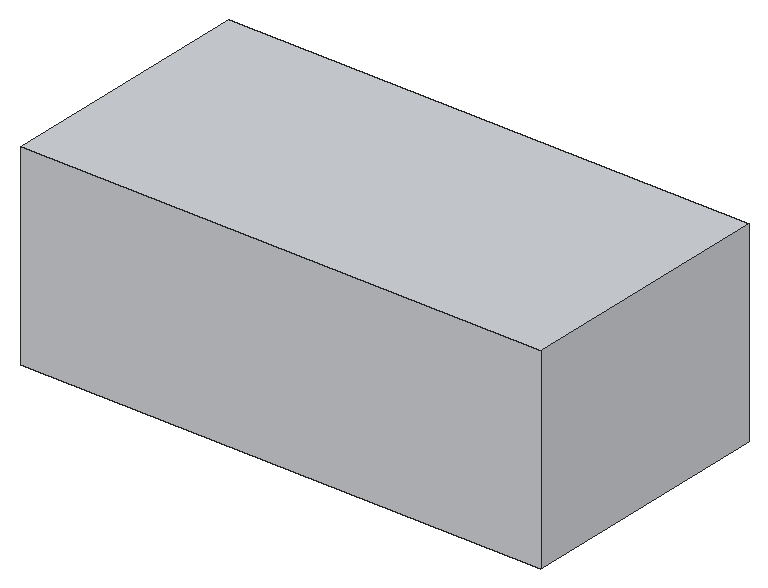
Revit family "承台001", category 结构基础, Revit 2020
Family settings
  用于模型行为的材质 = 其他
  管帽 = 否
  OmniClass 编号 = 23.25.05.00
  OmniClass 标题 = Foundations
  基于工作平面 = 否
  总是垂直 = 是
  加载时剪切的空心 = 否
  共享 = 否
Parameters
  长度 = 800 mm
  承台类型 = ""
  承台001 = 0 mm
  宽度 = 400 mm
  基础厚度 = 300 mm
Reference planes
  plane 1 "中心(前/后)": y = 0
  plane 2: z = 0
  plane 3 "中心(左/右)": x = 0
  plane 4: z = -300
Forms (mm)
  Extrusion 1, solid
    sketch origin (0, 0, 0) x (1, 0, 0) y (0, 1, 0)
      loop
        line (-400, 200) -> (-400, -200) -> (400, -200) -> (400, 200) -> (-400, 200)
    from 0 to -300
Dimensions and locks
  "长度": Extrusion 1 sketch curve to Extrusion 1 sketch curve
  "宽度": Extrusion 1 sketch curve to Extrusion 1 sketch curve
  equal spacing: Extrusion 1 sketch curve, plane 1 "中心(前/后)", Extrusion 1 sketch curve
  equal spacing: Extrusion 1 sketch curve, plane 3 "中心(左/右)", Extrusion 1 sketch curve
  "基础厚度": level to plane 4
  aligned and locked: plane 2 to level
  aligned and locked: level to Extrusion 1
  aligned and locked: Extrusion 1 to plane 4
